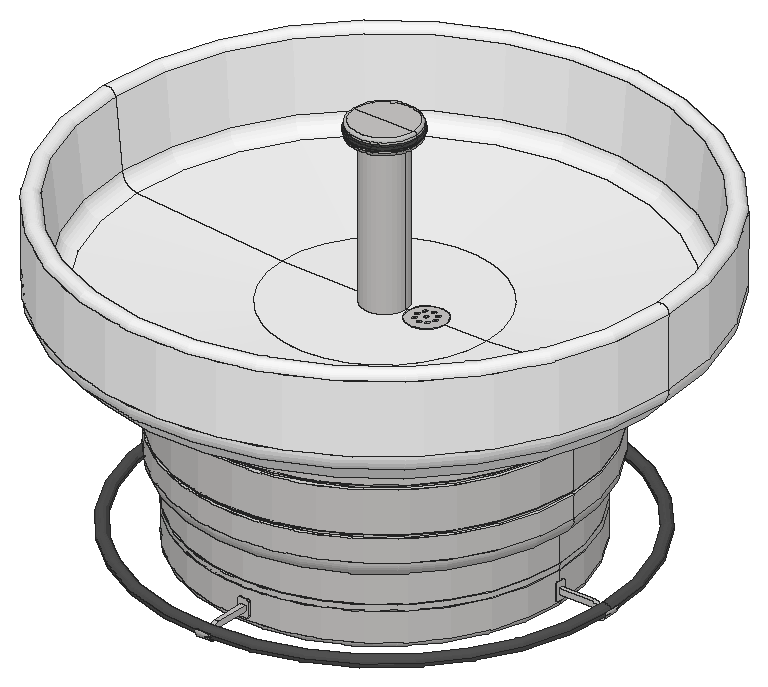
Revit family "Washfountain_Lavatory-Bradley_Corp-WF2608-Type_A_Drain", category Plumbing Fixtures, Revit 2012
Parameters (values of type "Standard")
  Width = 54.000"
  Warranty Information = ""
  WFU = 0
  Voltage = 110 V
  Version = "2.0"
  URL = "http://www.bradleycorp.com/"
  Towel Dispenser Holder [instance] = if((Soap Dispenser), 8.375", 16.875")  # 16.875"
  Towel Dispenser Height [instance] = if(and(Soap Dispenser, Sensor Module, Model ID = 2), 56.000", if(and(No Soap Dispenser, Sensor Module, Model ID = 2), 56.000", if(and(Soap Dispenser, No Sensor Module, Model ID = 2), 52.500", if(and(No Soap Dispenser, No Sensor Module, Model ID = 2), 52.500", if(and(Soap Dispenser, Sensor Module, Model ID = 1), 52.000", if(and(No Soap Dispenser, Sensor Module, Model ID = 1), 52.000", if(and(Soap Dispenser, No Sensor Module, Model ID = 1), 48.500", 48.500")))))))  # 52.500"
  TouchTime® Control [instance] = no
  Technical Data = ""
  Standard Height = Model ID = 2  # yes
  Spray Head Height = 35.625"
  Specifications URL = "http://www.bradleycorp.com/3partspec"
  Soap Dispenser Holder [instance] = 2.500"  # constant formula
  Soap Dispenser Height [instance] = if(and(No Sensor Module, Model ID = 2), 44.125", if(and(Sensor Module, Model ID = 2), 47.625", if(and(No Sensor Module, Model ID = 1), 40.125", 43.625")))  # 44.125"
  Sensor Module Height = 39.125"
  Sensor Module [instance] = or(not(Foot Control Valve), TouchTime® Control, Air Valve Hand Control, Adaptive Infrared Activation Control)  # no
  Rim Height = 29.250"
  Product Tech Data URL - Spanish = ""
  Product Tech Data URL - French = ""
  Product Tech Data URL - English = "http://bradleycorp.com/download/1843/2019.pdf"
  Pedestal Material = Metal - Bradley Corp - Stainless Steel - Satin
  Pedestal Height = 19.000"
  Operating Water Pressure Range = "20 - 80 PSI"
  OmniClass Table 23 Title = "Sinks/Lavatories"
  OmniClass Table 23 Number = "23-31 13 00"
  OmniClass Table 21 Title = "Plumbing Fixtures"
  OmniClass Table 21 Number = "21-04 20 10 60"
  No Towel Dispenser [instance] = not(Towel Dispenser)  # yes
  No Soap Dispenser [instance] = not(Soap Dispenser)  # yes
  No Sensor Module [instance] = not(Sensor Module)  # yes
  Modeling Code = ""
  Model ID = 2
  Model = "WF2608"
  Material Note = "Other Terrazzo colors available - See www.bradleycorp.com "
  MasterFormat Title = "Commercial Lavatories and Sinks"
  MasterFormat Number = "22 42 16"
  Manufacturer = "Bradley Corp"
  Juvenile Height = Model ID = 1  # no
  Industry Standards = "ANSI Z124.3, Z124.6 and ANSI/ICPA SS-1-2001"
  Hot Lavatory Inlet Radius = Hot Lavatory Inlet / 2  # 1/2"
  Hot Lavatory Inlet = 1"
  HWFU = 0
  Frequency = 50 Hz
  Foot Control Valve [instance] = not(or(TouchTime® Control, Air Valve Hand Control, Adaptive Infrared Activation Control))  # yes
  Flow Rate = 5.0 GPM
  Fire Rating = "n/a"
  Drain Radius = Drain / 2  # 1"
  Drain = 2"
  Description = "Washfountain, 54\" Circular with 9\" Deep Bowl"
  Copyright = "This Model Data is Property of Bradley Corporation"
  Cold Lavatory Inlet Radius = Cold Lavatory Inlet / 2  # 1/2"
  Cold Lavatory Inlet = 1"
  CWFU = 0
  Buy American Act = "No"
  Button Visibility [instance] = or(TouchTime® Control, Air Valve Hand Control)  # no
  Bowl Material [instance] = Stone - Bradley Corp - White Marmorite
  Assembly Code = "D2010300"
  Air Valve Hand Control [instance] = no
  Adaptive Infrared Activation Control [instance] = no
  ADA Compliant = "Yes"
  Soap Dispenser [instance] = no
  Towel Dispenser [instance] = no
Reference planes (in)
  plane 1 "Center (Front/Back)": y = 0
  plane 2: z = 0
  plane 3 "Center (Left/Right)": x = 0
  plane 4 "Left": x = -27
  plane 5 "Right": x = 27
  plane 6 "Front": y = -27
  plane 7 "Back": y = 27
  plane 8 "Towel Dispenser": z = 52.5
  plane 9 "Soap Dispenser": z = 44.125
  plane 10 "Sensor Module": z = 39.125
  plane 11 "Spray Head": z = 35.625
  plane 12 "Rim Height": z = 29.25
  plane 13 "Pedestal Height": z = 19
  plane 14: z = 38.125
Forms (in)
  Revolve 1, solid, material "Stone - Bradley Corp - White Marmorite" <- "Bowl Material", detail levels medium+fine
    sketch origin (-3, 0, 29.25) x (1, 0, 0) y (0, 0, 1)
      loop
        line (-24, -0.75) -> (-24, -7.10922)
        arc (-24, -7.10922) -> (-23.84776, -7.87459) -> (-23.41421, -8.52343) r 2
        line (-23.41421, -8.52343) -> (-21.68765, -10.25) -> (1, -10.25) -> (1, -9) -> (-6.75, -9)
        arc (-6.75, -9) -> (-13.62836, -8.77247) -> (-20.47664, -8.09088) r 104.08291
        arc (-20.47664, -8.09088) -> (-21.43666, -7.65917) -> (-21.89048, -6.70941) r 1.52978
        line (-21.89048, -6.70941) -> (-22.51639, -0.59407)
        arc (-22.51639, -0.59407) -> (-23.32839, -0.00411) -> (-24, -0.75) r 0.75
      axis (3, -0.59407) -> (3, -10.25)
    angle from 0 to 360
  Revolve 2, solid, material "Stone - Bradley Corp - White Marmorite" <- "Bowl Material", detail levels coarse
    sketch origin (-3, 0, 29.25) x (1, 0, 0) y (0, 0, 1)
      loop
        line (-24, 0) -> (-24, -10.25) -> (3, -10.25) -> (3, -9) -> (-4.5, -9) -> (-21.74309, -7.95152) -> (-22.57883, 0) -> (-24, 0)
      axis (3, 0) -> (3, -10.25)
    angle from 0 to 360
  Revolve 3, solid, material "Metal - Bradley Corp - Stainless Steel - Satin" <- "Pedestal Material", visible <- "Standard Height", detail levels medium+fine
    sketch origin (-3, 0, 19) x (1, 0, 0) y (0, 0, 1)
      loop
        line (-14.96214, 0.00002) -> (-14.96214, -4.37498) -> (-14.83714, -4.49998) -> (-14.83714, -4.62498) -> (-14.96214, -4.74998) -> (-14.96214, -8.56248) -> (-14.83714, -8.68748) -> (-14.83714, -8.81248) -> (-14.96214, -8.93748) -> (-14.96214, -10.99998)
        arc (-14.96214, -10.99998) -> (-14.57597, -12.00466) -> (-13.6163, -12.49204) r 1.5
        line (-13.6163, -12.49204) -> (-13.6163, -15.1945) -> (-13.6643, -15.25815) -> (-13.6643, -15.75585) -> (-13.6163, -15.8195) -> (-13.6163, -18.5)
        arc (-13.6163, -18.5) -> (-13.46985, -18.85355) -> (-13.1163, -19) r 0.5
        line (-13.1163, -19) -> (3, -19) -> (3, 0.00002) -> (-14.96214, 0.00002)
      axis (3, 0.00002) -> (3, -19)
    angle from 0 to 360
  Revolve 4, solid, material "Metal - Bradley Corp - Stainless Steel - Satin" <- "Pedestal Material", visible <- "Standard Height", detail levels coarse
    sketch origin (-3, 0, 19) x (1, 0, 0) y (0, 0, 1)
      loop
        line (-14.96214, 0) -> (-14.96214, -12.49204) -> (-13.6163, -12.49204) -> (-13.6163, -19) -> (3, -19) -> (3, 0) -> (-14.96214, 0)
      axis (3, 0) -> (3, -19)
    angle from 0 to 360
  Revolve 5, solid, material "Metal - Bradley Corp - Stainless Steel - Satin" <- "Pedestal Material", visible <- "Juvenile Height", detail levels medium+fine
    sketch origin (-3, 0, 19) x (1, 0, 0) y (0, 0, 1)
      loop
        line (-14.96214, 0) -> (-14.96214, -3.42941) -> (-14.86416, -3.52739) -> (-14.86416, -3.62537) -> (-14.96214, -3.72336) -> (-14.96214, -6.71184) -> (-14.86416, -6.80982) -> (-14.86416, -6.90781) -> (-14.96214, -7.00579) -> (-14.96214, -8.44011)
        arc (-14.96214, -8.44011) -> (-14.56796, -9.39176) -> (-13.6163, -9.78595) r 1.34584
        line (-13.6163, -9.78595) -> (-13.6163, -11.1945) -> (-13.6643, -11.25815) -> (-13.6643, -11.75585) -> (-13.6163, -11.8195) -> (-13.6163, -14.60807)
        arc (-13.6163, -14.60807) -> (-13.50151, -14.88521) -> (-13.22437, -15) r 0.39193
        line (-13.22437, -15) -> (3, -15) -> (3, 0) -> (-14.96214, 0)
      axis (3, 0) -> (3, -15)
    angle from 0 to 360
  Revolve 6, solid, material "Metal - Bradley Corp - Stainless Steel - Satin" <- "Pedestal Material", visible <- "Juvenile Height", detail levels coarse
    sketch origin (-3, 0, 19) x (1, 0, 0) y (0, 0, 1)
      loop
        line (-14.96214, 0.00002) -> (-14.96214, -9.78595) -> (-13.6163, -9.78595) -> (-13.6163, -15) -> (3, -15) -> (3, 0.00002) -> (-14.96214, 0.00002)
      axis (3, 0.00002) -> (3, -15)
    angle from 0 to 360
  Revolve 7, solid, material "Metal - Bradley Corp - Stainless Steel - Polished", detail levels fine
    sketch origin (-3, 0, 35.625) x (1, 0, 0) y (0, 0, 1)
      loop
        arc (0.215, 0.00002) -> (0.03822, -0.0732) -> (-0.035, -0.24998) r 0.25
        line (-0.035, -0.24998) -> (-0.035, -0.44498)
        arc (-0.035, -0.44498) -> (-0.10129, -0.47244) -> (-0.12875, -0.53873) r 0.09375
        line (-0.12875, -0.53873) -> (-0.12875, -0.85123)
        arc (-0.12875, -0.85123) -> (-0.10129, -0.91752) -> (-0.035, -0.94498) r 0.09375
        line (-0.035, -0.94498) -> (-0.035, -1.13998)
        arc (-0.035, -1.13998) -> (0.03822, -1.31676) -> (0.215, -1.38998) r 0.25
        line (0.215, -1.38998) -> (1, -1.38998) -> (1, -16.625) -> (3, -16.625) -> (3, 0.00002) -> (0.215, 0.00002)
      axis (3, 0.00002) -> (3, -16.625)
    angle from 0 to 360
  Revolve 8, solid, material "Metal - Bradley Corp - Stainless Steel - Polished", detail levels coarse+medium
    sketch origin (-3, 0, 35.625) x (1, 0, 0) y (0, 0, 1)
      loop
        line (3, 0) -> (0.21498, 0) -> (-0.12875, -0.44498) -> (-0.12875, -0.94498) -> (0.215, -1.38998) -> (1, -1.38998) -> (1, -16.625) -> (3, -16.625) -> (3, 0)
      axis (3, 0) -> (3, -16.625)
    angle from 0 to 360
  Revolve 9, solid, material "Metal - Bradley Corp - Stainless Steel - Polished", visible <- "Soap Dispenser", detail levels fine
    sketch origin (-3, 0, 44.125) x (1, 0, 0) y (0, 0, 1)
      loop
        arc (-1.17907, 0) -> (-2.18101, -0.11803) -> (-3.1566, -0.375) r 7.19764
        line (-3.1566, -0.375) -> (-3.1566, -1) -> (-3.01376, -1) -> (-3.01376, -1.64327) -> (-2.98301, -1.64327) -> (-2.98301, -2.89327) -> (-2.93039, -2.89327) -> (-2.93039, -4.14327) -> (-2.87777, -4.14327) -> (-2.87777, -5.39327) -> (-2.81, -5.39327) -> (-2.81, -6) -> (3, -6) -> (3, 0) -> (-1.17907, 0)
      axis (3, 0) -> (3, -6)
    angle from 0 to 360
  Revolve 10, solid, material "Metal - Bradley Corp - Stainless Steel - Polished", visible <- "Soap Dispenser", detail levels coarse+medium
    sketch origin (-3, 0, 44.125) x (1, 0, 0) y (0, 0, 1)
      loop
        line (3, -1) -> (-3.1566, -1) -> (-2.81, -6) -> (3, -6) -> (3, -1)
      axis (3, -1) -> (3, -6)
    angle from 0 to 360
  Revolve 11, solid, material "Metal - Bradley Corp - Stainless Steel - Polished", visible <- "Sensor Module", detail levels fine
    sketch origin (-3, 0, 39.125) x (1, 0, 0) y (0, 0, 1)
      loop
        line (-1.49987, -0.56541) -> (-1.49987, -1.98683)
        arc (-1.49987, -1.98683) -> (-1.48063, -2.08301) -> (-1.42587, -2.16439) r 0.25
        line (-1.42587, -2.16439) -> (-0.82309, -2.76716)
        arc (-0.82309, -2.76716) -> (-0.74199, -2.82135) -> (-0.64632, -2.84038) r 0.25
        line (-0.64632, -2.84038) -> (1, -2.84038) -> (1, -3.5) -> (3, -3.5) -> (3, 0) -> (0.89718, 0)
        arc (0.89718, 0) -> (-0.28099, -0.0858) -> (-1.45612, -0.2063) r 40.06
        arc (-1.45612, -0.2063) -> (-1.54124, -0.251) -> (-1.57537, -0.34072) r 0.135
        line (-1.57537, -0.34072) -> (-1.57537, -0.56541) -> (-1.49987, -0.56541)
      axis (3, 0) -> (3, -3.5)
    angle from 0 to 360
  Revolve 12, solid, material "Metal - Bradley Corp - Stainless Steel - Polished", visible <- "Sensor Module", detail levels coarse+medium
    sketch origin (-3, 0, 39.125) x (1, 0, 0) y (0, 0, 1)
      loop
        line (-1.57537, -2.01488) -> (-0.75025, -2.84) -> (1, -2.84) -> (1, -3.5) -> (3, -3.5) -> (3, 0) -> (-1.57537, 0) -> (-1.57537, -2.01488)
      axis (3, 0) -> (3, -3.5)
    angle from 0 to 360
  Extrusion 13, solid, material "Metal - Bradley Corp - Stainless Steel - Polished", visible <- "Towel Dispenser"
    sketch origin (-5.60167, 3.20696, 52.5) x (0, 0, 1) y (0, 1, 0)
      loop
        line (0, 0) -> (15.313, 0) -> (14.62567, 4) -> (1.37502, 4) -> (0, 1.75) -> (0, 0)
    from -0.10167 to -11.10192
  Extrusion 14, solid, material "Metal - Bradley Corp - Stainless Steel - Polished", visible <- "Towel Dispenser"
    sketch origin (-0.0117, -6.47515, 55.75) x (0, 0, 1) y (-0.866025, -0.5, 0)
      loop
        line (-3.25, 0) -> (12.063, 0) -> (11.37567, 4) -> (-1.87498, 4) -> (-3.25, 1.75) -> (-3.25, 0)
    from -0.10167 to -11.10192
  Extrusion 15, solid, material "Metal - Bradley Corp - Stainless Steel - Polished", visible <- "Towel Dispenser"
    sketch origin (5.61356, 3.22741, 55.75) x (0, 0, 1) y (0.866038, -0.499977, 0)
      loop
        line (-3.25, 0) -> (12.063, 0) -> (11.37567, 4) -> (-1.87498, 4) -> (-3.25, 1.75) -> (-3.25, 0)
    from -0.10167 to -11.10192
  Extrusion 16, solid, material "Metal - Bradley Corp - Stainless Steel - Polished", visible <- "Towel Dispenser"
    sketch origin (0, 0, 52.5) x (-1, 0, 0) y (0, -1, 0)
      loop
        circle (0, 0) r 2
    from -16.875 to 16.313
  Extrusion 17, solid, material "Metal - Bradley Corp - Stainless Steel - Polished", visible <- "Soap Dispenser"
    sketch origin (0, 0, 44.125) x (-1, 0, 0) y (0, -1, 0)
      loop
        circle (0, 0) r 2
    from -6 to -8.5
  Extrusion 18, solid, material "Metal - Bradley Corp - Stainless Steel - Polished", visible <- "Towel Dispenser"
    sketch origin (0, 0, 52.5) x (-1, 0, 0) y (0, -1, 0)
      loop
        line (5.5, -3.20696) -> (5.56259, -3.13929) -> (0.06259, 6.38699) -> (-0.06295, 6.38699) -> (-5.56269, -3.13929) -> (-5.50026, -3.20696) -> (5.5, -3.20696)
      loop
        circle (0, 0) r 2
    from 14.62567 to 14.12567
  Extrusion 19, solid, material "Metal - Bradley Corp - Stainless Steel - Polished", visible <- "Towel Dispenser"
    sketch origin (0, 0, 52.5) x (-1, 0, 0) y (0, -1, 0)
      loop
        line (5.56259, -3.13929) -> (0.06259, 6.38699) -> (-0.06295, 6.38699) -> (-5.56269, -3.13929) -> (-5.50026, -3.20696) -> (5.5, -3.20696) -> (5.56259, -3.13929)
      loop
        circle (0, 0) r 2
    from 1.0786 to 1.5786
  Sweep 20, solid, material "Plastic - Bradley Corp - Black", visible <- "Foot Control Valve"
    path in 3D
      loop
        arc (-21, 0, 0) -> (0, -21, 0) -> (21, 0, 0) r 21
        arc (21, 0, 0) -> (0, 21, 0) -> (-21, 0, 0) r 21
    profile origin (0, 21, 0) x (0, -1, 0) y (0, 0, 1)
      loop
        circle (0, 1.425) r 0.5
  Extrusion 21, solid, material "Metal - Bradley Corp - Stainless Steel - Satin", visible <- "Foot Control Valve"
    sketch origin (0, 0, 0) x (1, 0, 0) y (0, 0, 1)
      loop
        arc (-21.48307, 1.55388) -> (-21.51847, 1.61509) -> (-21.57968, 1.57969) r 0.05
        arc (-21.57968, 1.57969) -> (-21.01372, 0.82503) -> (-20.41385, 1.55302) r 0.6
        arc (-20.41385, 1.55302) -> (-20.47337, 1.59119) -> (-20.51154, 1.53166) r 0.05
        arc (-20.51154, 1.53166) -> (-21.01143, 0.925) -> (-21.48307, 1.55388) r 0.5
      loop
        arc (21.48307, 1.55388) -> (21.01143, 0.925) -> (20.51154, 1.53166) r 0.5
        arc (20.51154, 1.53166) -> (20.47337, 1.59119) -> (20.41385, 1.55302) r 0.05
        arc (20.41385, 1.55302) -> (21.01372, 0.82503) -> (21.57968, 1.57969) r 0.6
        arc (21.57968, 1.57969) -> (21.51847, 1.61509) -> (21.48307, 1.55388) r 0.05
    from -0.67 to 0.67
  Extrusion 22, solid, material "Metal - Bradley Corp - Stainless Steel - Satin", visible <- "Foot Control Valve"
    sketch origin (0, 0, 0) x (0, 1, 0) y (0, 0, 1)
      loop
        arc (21.48307, 1.55401) -> (21.01143, 0.92513) -> (20.51154, 1.53179) r 0.5
        arc (20.51154, 1.53179) -> (20.47337, 1.59132) -> (20.41385, 1.55315) r 0.05
        arc (20.41385, 1.55315) -> (21.01372, 0.82516) -> (21.57968, 1.57982) r 0.6
        arc (21.57968, 1.57982) -> (21.51847, 1.61522) -> (21.48307, 1.55401) r 0.05
      loop
        arc (-21.48307, 1.55401) -> (-21.51847, 1.61522) -> (-21.57968, 1.57982) r 0.05
        arc (-21.57968, 1.57982) -> (-21.01372, 0.82516) -> (-20.41385, 1.55315) r 0.6
        arc (-20.41385, 1.55315) -> (-20.47337, 1.59132) -> (-20.51154, 1.53179) r 0.05
        arc (-20.51154, 1.53179) -> (-21.01143, 0.92513) -> (-21.48307, 1.55401) r 0.5
    from -0.67 to 0.67
  Extrusion 23, solid, material "Metal - Bradley Corp - Stainless Steel - Satin", visible <- "Foot Control Valve"
    sketch origin (0, 0, 0) x (1, 0, 0) y (0, 0, 1)
      loop
        line (-16.6163, 1.26725) -> (-16.6163, 1.76725) -> (-19.80661, 1.76725)
        arc (-19.80661, 1.76725) -> (-20.14911, 1.67556) -> (-20.4, 1.42503) r 0.68556
        arc (-20.4, 1.42503) -> (-20.57574, 1.00076) -> (-21, 0.82503) r 0.6
        arc (-21, 0.82503) -> (-20.42367, 0.87326) -> (-19.94786, 1.20202) r 1.12245
        arc (-19.94786, 1.20202) -> (-19.8844, 1.25015) -> (-19.80661, 1.26725) r 0.18556
        line (-19.80661, 1.26725) -> (-16.6163, 1.26725)
      loop
        line (16.6163, 1.26725) -> (19.80661, 1.26725)
        arc (19.80661, 1.26725) -> (19.8844, 1.25015) -> (19.94786, 1.20202) r 0.18556
        arc (19.94786, 1.20202) -> (20.42367, 0.87326) -> (21, 0.82503) r 1.12245
        arc (21, 0.82503) -> (20.57574, 1.00076) -> (20.4, 1.42503) r 0.6
        arc (20.4, 1.42503) -> (20.14911, 1.67556) -> (19.80661, 1.76725) r 0.68556
        line (19.80661, 1.76725) -> (16.6163, 1.76725) -> (16.6163, 1.26725)
    from -0.2 to 0.2
  Extrusion 24, solid, material "Metal - Bradley Corp - Stainless Steel - Satin", visible <- "Foot Control Valve"
    sketch origin (0, 0, 0) x (0, 1, 0) y (0, 0, 1)
      loop
        line (16.61723, 1.27219) -> (19.80754, 1.27219)
        arc (19.80754, 1.27219) -> (19.88533, 1.25509) -> (19.94879, 1.20696) r 0.18556
        arc (19.94879, 1.20696) -> (20.4246, 0.8782) -> (21.00093, 0.82997) r 1.12245
        arc (21.00093, 0.82997) -> (20.57666, 1.0057) -> (20.40093, 1.42997) r 0.6
        arc (20.40093, 1.42997) -> (20.15004, 1.6805) -> (19.80754, 1.77219) r 0.68556
        line (19.80754, 1.77219) -> (16.61723, 1.77219) -> (16.61723, 1.27219)
      loop
        line (-16.61723, 1.27219) -> (-16.61723, 1.77219) -> (-19.80754, 1.77219)
        arc (-19.80754, 1.77219) -> (-20.15004, 1.6805) -> (-20.40093, 1.42997) r 0.68556
        arc (-20.40093, 1.42997) -> (-20.57666, 1.0057) -> (-21.00093, 0.82997) r 0.6
        arc (-21.00093, 0.82997) -> (-20.4246, 0.8782) -> (-19.94879, 1.20696) r 1.12245
        arc (-19.94879, 1.20696) -> (-19.88533, 1.25509) -> (-19.80754, 1.27219) r 0.18556
        line (-19.80754, 1.27219) -> (-16.61723, 1.27219)
    from -0.19588 to 0.2
  Extrusion 25, solid, material "Metal - Bradley Corp - Stainless Steel - Satin", visible <- "Foot Control Valve"
    sketch origin (0, 0, 0) x (0, 1, 0) y (0, 0, 1)
      loop
        line (0.25501, 2.33461) -> (-0.24499, 2.33461)
        arc (-0.24499, 2.33461) -> (-0.42177, 2.26139) -> (-0.49499, 2.08461) r 0.25
        line (-0.49499, 2.08461) -> (-0.49499, 0.95961)
        arc (-0.49499, 0.95961) -> (-0.42177, 0.78284) -> (-0.24499, 0.70961) r 0.25
        line (-0.24499, 0.70961) -> (0.25501, 0.70961)
        arc (0.25501, 0.70961) -> (0.43178, 0.78284) -> (0.50501, 0.95961) r 0.25
        line (0.50501, 0.95961) -> (0.50501, 2.08461)
        arc (0.50501, 2.08461) -> (0.43178, 2.26139) -> (0.25501, 2.33461) r 0.25
      loop
        line (0.24214, 1.22802) -> (0.24214, 1.81621) -> (-0.23845, 1.81621) -> (-0.23845, 1.22802) -> (0.24214, 1.22802)
    from -16.72356 to -16.6163
  Extrusion 26, solid, material "Metal - Bradley Corp - Stainless Steel - Satin", visible <- "Foot Control Valve"
    sketch origin (0, 0, 0) x (0, 1, 0) y (0, 0, 1)
      loop
        arc (-0.25501, 2.33461) -> (-0.43178, 2.26139) -> (-0.50501, 2.08461) r 0.25
        line (-0.50501, 2.08461) -> (-0.50501, 0.95961)
        arc (-0.50501, 0.95961) -> (-0.43178, 0.78284) -> (-0.25501, 0.70961) r 0.25
        line (-0.25501, 0.70961) -> (0.24499, 0.70961)
        arc (0.24499, 0.70961) -> (0.42177, 0.78284) -> (0.49499, 0.95961) r 0.25
        line (0.49499, 0.95961) -> (0.49499, 2.08461)
        arc (0.49499, 2.08461) -> (0.42177, 2.26139) -> (0.24499, 2.33461) r 0.25
        line (0.24499, 2.33461) -> (-0.25501, 2.33461)
      loop
        line (-0.24214, 1.22802) -> (0.23845, 1.22802) -> (0.23845, 1.81621) -> (-0.24214, 1.81621) -> (-0.24214, 1.22802)
    from 16.6163 to 16.73125
  Extrusion 27, solid, material "Metal - Bradley Corp - Stainless Steel - Satin", visible <- "Foot Control Valve"
    sketch origin (0, 0, 0) x (1, 0, 0) y (0, 0, 1)
      loop
        arc (-0.25501, 2.33461) -> (-0.43178, 2.26139) -> (-0.50501, 2.08461) r 0.25
        line (-0.50501, 2.08461) -> (-0.50501, 0.95961)
        arc (-0.50501, 0.95961) -> (-0.43178, 0.78284) -> (-0.25501, 0.70961) r 0.25
        line (-0.25501, 0.70961) -> (0.24499, 0.70961)
        arc (0.24499, 0.70961) -> (0.42177, 0.78284) -> (0.49499, 0.95961) r 0.25
        line (0.49499, 0.95961) -> (0.49499, 2.08461)
        arc (0.49499, 2.08461) -> (0.42177, 2.26139) -> (0.24499, 2.33461) r 0.25
        line (0.24499, 2.33461) -> (-0.25501, 2.33461)
      loop
        line (-0.24214, 1.22802) -> (0.23845, 1.22802) -> (0.23845, 1.81621) -> (-0.24214, 1.81621) -> (-0.24214, 1.22802)
    from -16.72356 to -16.6163
  Extrusion 28, solid, material "Metal - Bradley Corp - Stainless Steel - Satin", visible <- "Foot Control Valve"
    sketch origin (0, 0, 0) x (1, 0, 0) y (0, 0, 1)
      loop
        line (0.25501, 2.33461) -> (-0.24499, 2.33461)
        arc (-0.24499, 2.33461) -> (-0.42177, 2.26139) -> (-0.49499, 2.08461) r 0.25
        line (-0.49499, 2.08461) -> (-0.49499, 0.95961)
        arc (-0.49499, 0.95961) -> (-0.42177, 0.78284) -> (-0.24499, 0.70961) r 0.25
        line (-0.24499, 0.70961) -> (0.25501, 0.70961)
        arc (0.25501, 0.70961) -> (0.43178, 0.78284) -> (0.50501, 0.95961) r 0.25
        line (0.50501, 0.95961) -> (0.50501, 2.08461)
        arc (0.50501, 2.08461) -> (0.43178, 2.26139) -> (0.25501, 2.33461) r 0.25
      loop
        line (0.24214, 1.22802) -> (0.24214, 1.81621) -> (-0.23845, 1.81621) -> (-0.23845, 1.22802) -> (0.24214, 1.22802)
    from 16.61723 to 16.73515
  Extrusion 29, void
    sketch origin (0, 0, 19) x (-1, 0, 0) y (0, -1, 0)
      loop
        circle (-4, 0) r 1.75
    from 0 to 10.25
  Extrusion 30, solid, material "Metal - Bradley Corp - Stainless Steel - Polished", detail levels medium+fine
    sketch origin (0, 0, 19) x (-1, 0, 0) y (0, -1, 0)
      loop
        circle (-4, 0) r 1.75
      loop
        circle (-4, 0) r 0.1842
      loop
        circle (-4, -0.87771) r 0.1842
      loop
        circle (-3.12229, 0) r 0.1842
      loop
        circle (-4, 0.87771) r 0.1842
      loop
        circle (-4.87771, 0) r 0.1842
      loop
        circle (-4.62063, -0.62063) r 0.1842
      loop
        circle (-3.37937, -0.62063) r 0.1842
      loop
        circle (-3.37937, 0.62063) r 0.1842
      loop
        circle (-4.62063, 0.62063) r 0.1842
    from 1.25 to 1.20024
  Extrusion 31, solid, material "Default", not visible, detail levels medium+fine
    sketch origin (0, 0, 0) x (1, 0, 0) y (0, 1, 0)
      loop
        circle (4, 0) r 1
      loop
        line (1, 5.5) -> (-1, 5.5) -> (-1, 4.5) -> (1, 4.5) -> (1, 5.5)
    from 0 to 3
  Extrusion 32, solid, material "Default", not visible, detail levels medium+fine
    sketch origin (0, 0, 0) x (1, 0, 0) y (0, 1, 0)
      loop
        circle (-7.625, 2.5) r 0.5
      loop
        circle (7.625, 2.5) r 0.5
    from 0 to 2.5
  Revolve 33, solid, material "Plastic - Bradley Corp - Black", visible <- "Soap Dispenser", detail levels coarse+medium
    sketch origin (-3, 0, 44.125) x (1, 0, 0) y (0, 0, 1)
      loop
        line (-3.1566, -1) -> (3, -1) -> (3, 0) -> (-3.22592, 0) -> (-3.1566, -1)
      axis (3, 0) -> (3, -1)
    angle from 0 to 360
  Extrusion 34, solid, material "Metal - Bradley Corp - Stainless Steel - Polished", visible <- "Button Visibility"
    sketch origin (-3, 0, 39.125) x (1, 0, 0) y (0, 0, 1)
      loop
        circle (3, -1.3649) r 0.5
    from 4.57537 to 4.97537
  Extrusion 35, solid, material "Metal - Bradley Corp - Stainless Steel - Polished", visible <- "Button Visibility"
    sketch origin (-3, 0, 39.125) x (1, 0, 0) y (0, 0, 1)
      loop
        circle (3, -1.3649) r 0.5
    from -4.57537 to -4.97537
  Extrusion 36, solid, material "Metal - Bradley Corp - Stainless Steel - Polished", visible <- "Button Visibility", detail levels fine
    sketch origin (-3, 0, 39.125) x (1, 0, 0) y (0, 0, 1)
      loop
        circle (3, -1.3649) r 0.25
    from 4.49987 to 4.57537
  Extrusion 37, solid, material "Metal - Bradley Corp - Stainless Steel - Polished", visible <- "Button Visibility", detail levels fine
    sketch origin (-3, 0, 39.125) x (1, 0, 0) y (0, 0, 1)
      loop
        circle (3, -1.3649) r 0.25
    from -4.57537 to -4.49987
Cuts and joins
  Extrusion 29 cuts Revolve 2
  Extrusion 29 cuts Revolve 1
Lines and regions (in)
  Masking region 1, detail levels coarse
    outline origin (-3, 0, 29.25) x (1, 0, 0) y (0, 0, 1)
      loop
        line (-24, 0) -> (-24, -10.25) -> (30, -10.25) -> (30, 0) -> (-24, 0)
  Masking region 2, detail levels medium+fine
    outline origin (-3, 0, 29.25) x (1, 0, 0) y (0, 0, 1)
      loop
        arc (-23.25, 0) -> (-23.78033, -0.21967) -> (-24, -0.75) r 0.75
        line (-24, -0.75) -> (-24, -7.10922)
        arc (-24, -7.10922) -> (-23.84776, -7.87459) -> (-23.41421, -8.52343) r 2
        line (-23.41421, -8.52343) -> (-21.68765, -10.25) -> (27.68765, -10.25) -> (29.41421, -8.52343)
        arc (29.41421, -8.52343) -> (29.84776, -7.87459) -> (30, -7.10922) r 2
        line (30, -7.10922) -> (30, -0.75)
        arc (30, -0.75) -> (29.78033, -0.21967) -> (29.25, 0) r 0.75
        line (29.25, 0) -> (-23.25, 0)
  Masking region 3, visible <- "Standard Height", detail levels coarse
    outline origin (-3, 0, 19) x (1, 0, 0) y (0, 0, 1)
      loop
        line (-14.96214, 0) -> (-14.96214, -12.49204) -> (-13.6163, -12.49204) -> (-13.6163, -19) -> (19.6163, -19) -> (19.6163, -12.49204) -> (20.96214, -12.49204) -> (20.96214, 0) -> (-14.96214, 0)
  Masking region 4, visible <- "Standard Height", detail levels medium+fine
    outline origin (-3, 0, 19) x (1, 0, 0) y (0, 0, 1)
      loop
        line (-14.96214, 0.00002) -> (-14.96214, -4.37498) -> (-14.83714, -4.49998) -> (-14.83714, -4.62498) -> (-14.96214, -4.74998) -> (-14.96214, -8.56248) -> (-14.83714, -8.68748) -> (-14.83714, -8.81248) -> (-14.96214, -8.93748) -> (-14.96214, -10.99998)
        arc (-14.96214, -10.99998) -> (-14.57597, -12.00466) -> (-13.6163, -12.49204) r 1.5
        line (-13.6163, -12.49204) -> (-13.6163, -15.1945) -> (-13.6643, -15.25815) -> (-13.6643, -15.75585) -> (-13.6163, -15.8195) -> (-13.6163, -18.5)
        arc (-13.6163, -18.5) -> (-13.46985, -18.85355) -> (-13.1163, -19) r 0.5
        line (-13.1163, -19) -> (19.1163, -19)
        arc (19.1163, -19) -> (19.46985, -18.85355) -> (19.6163, -18.5) r 0.5
        line (19.6163, -18.5) -> (19.6163, -15.8195) -> (19.6643, -15.75585) -> (19.6643, -15.25815) -> (19.6163, -15.1945) -> (19.6163, -12.49204)
        arc (19.6163, -12.49204) -> (20.57597, -12.00466) -> (20.96214, -10.99998) r 1.5
        line (20.96214, -10.99998) -> (20.96214, -8.93748) -> (20.83714, -8.81248) -> (20.83714, -8.68748) -> (20.96214, -8.56248) -> (20.96214, -4.74998) -> (20.83714, -4.62498) -> (20.83714, -4.49998) -> (20.96214, -4.37498) -> (20.96214, 0.00002) -> (-14.96214, 0.00002)
  Masking region 5, visible <- "Juvenile Height", detail levels coarse
    outline origin (-3, 0, 19) x (1, 0, 0) y (0, 0, 1)
      loop
        line (-14.96214, 0) -> (-14.96214, -9.78595) -> (-13.6163, -9.78595) -> (-13.6163, -15) -> (19.6163, -15) -> (19.6163, -9.78595) -> (20.96214, -9.78595) -> (20.96214, 0) -> (-14.96214, 0)
  Masking region 6, visible <- "Juvenile Height", detail levels medium+fine
    outline origin (-3, 0, 19) x (1, 0, 0) y (0, 0, 1)
      loop
        line (-14.96214, 0) -> (-14.96214, -3.42941) -> (-14.86416, -3.52739) -> (-14.86416, -3.62537) -> (-14.96214, -3.72336) -> (-14.96214, -6.71184) -> (-14.86416, -6.80982) -> (-14.86416, -6.90781) -> (-14.96214, -7.00579) -> (-14.96214, -8.44011)
        arc (-14.96214, -8.44011) -> (-14.56796, -9.39176) -> (-13.6163, -9.78595) r 1.34584
        line (-13.6163, -9.78595) -> (-13.6163, -11.1945) -> (-13.6643, -11.25815) -> (-13.6643, -11.75585) -> (-13.6163, -11.8195) -> (-13.6163, -14.60807)
        arc (-13.6163, -14.60807) -> (-13.50151, -14.88521) -> (-13.22437, -15) r 0.39193
        line (-13.22437, -15) -> (19.22437, -15)
        arc (19.22437, -15) -> (19.50151, -14.88521) -> (19.6163, -14.60807) r 0.39193
        line (19.6163, -14.60807) -> (19.6163, -11.8195) -> (19.6643, -11.75585) -> (19.6643, -11.25815) -> (19.6163, -11.1945) -> (19.6163, -9.78595)
        arc (19.6163, -9.78595) -> (20.56796, -9.39176) -> (20.96214, -8.44011) r 1.34584
        line (20.96214, -8.44011) -> (20.96214, -7.00579) -> (20.86416, -6.90781) -> (20.86416, -6.80982) -> (20.96214, -6.71184) -> (20.96214, -3.72336) -> (20.86416, -3.62537) -> (20.86416, -3.52739) -> (20.96214, -3.42941) -> (20.96214, 0) -> (-14.96214, 0)
  Masking region 7, detail levels coarse
    outline origin (0, 3, 29.25) x (0, -1, 0) y (0, 0, 1)
      loop
        line (-24, 0) -> (-24, -10.25) -> (30, -10.25) -> (30, 0) -> (-24, 0)
  Masking region 8, detail levels medium+fine
    outline origin (0, 3, 29.25) x (0, -1, 0) y (0, 0, 1)
      loop
        arc (-23.25, 0) -> (-23.78033, -0.21967) -> (-24, -0.75) r 0.75
        line (-24, -0.75) -> (-24, -7.10922)
        arc (-24, -7.10922) -> (-23.84776, -7.87459) -> (-23.41421, -8.52343) r 2
        line (-23.41421, -8.52343) -> (-21.68765, -10.25) -> (27.68765, -10.25) -> (29.41421, -8.52343)
        arc (29.41421, -8.52343) -> (29.84776, -7.87459) -> (30, -7.10922) r 2
        line (30, -7.10922) -> (30, -0.75)
        arc (30, -0.75) -> (29.78033, -0.21967) -> (29.25, 0) r 0.75
        line (29.25, 0) -> (-23.25, 0)
  Masking region 9, visible <- "Standard Height", detail levels coarse
    outline origin (0, 3, 19) x (0, -1, 0) y (0, 0, 1)
      loop
        line (-14.96229, 0) -> (-14.96229, -12.49204) -> (-13.61645, -12.49204) -> (-13.61645, -19) -> (19.61615, -19) -> (19.61615, -12.49204) -> (20.96199, -12.49204) -> (20.96199, 0) -> (-14.96229, 0)
  Masking region 10, visible <- "Standard Height", detail levels medium+fine
    outline origin (0, 3, 19) x (0, -1, 0) y (0, 0, 1)
      loop
        line (-14.96307, 0.00002) -> (-14.96307, -4.37498) -> (-14.83807, -4.49998) -> (-14.83807, -4.62498) -> (-14.96307, -4.74998) -> (-14.96307, -8.56248) -> (-14.83807, -8.68748) -> (-14.83807, -8.81248) -> (-14.96307, -8.93748) -> (-14.96307, -10.99998)
        arc (-14.96307, -10.99998) -> (-14.5769, -12.00466) -> (-13.61723, -12.49204) r 1.5
        line (-13.61723, -12.49204) -> (-13.61723, -15.1945) -> (-13.66523, -15.25815) -> (-13.66523, -15.75585) -> (-13.61723, -15.8195) -> (-13.61723, -18.5)
        arc (-13.61723, -18.5) -> (-13.47078, -18.85355) -> (-13.11723, -19) r 0.5
        line (-13.11723, -19) -> (19.11537, -19)
        arc (19.11537, -19) -> (19.46893, -18.85355) -> (19.61537, -18.5) r 0.5
        line (19.61537, -18.5) -> (19.61537, -15.8195) -> (19.66337, -15.75585) -> (19.66337, -15.25815) -> (19.61537, -15.1945) -> (19.61537, -12.49204)
        arc (19.61537, -12.49204) -> (20.57505, -12.00466) -> (20.96122, -10.99998) r 1.5
        line (20.96122, -10.99998) -> (20.96122, -8.93748) -> (20.83622, -8.81248) -> (20.83622, -8.68748) -> (20.96122, -8.56248) -> (20.96122, -4.74998) -> (20.83622, -4.62498) -> (20.83622, -4.49998) -> (20.96122, -4.37498) -> (20.96122, 0.00002) -> (-14.96307, 0.00002)
  Masking region 11, visible <- "Juvenile Height", detail levels coarse
    outline origin (0, 3, 19) x (0, -1, 0) y (0, 0, 1)
      loop
        line (-14.96093, 0) -> (-14.96093, -9.78595) -> (-13.61509, -9.78595) -> (-13.61509, -15) -> (19.61752, -15) -> (19.61752, -9.78595) -> (20.96336, -9.78595) -> (20.96336, 0) -> (-14.96093, 0)
  Masking region 12, visible <- "Juvenile Height", detail levels medium+fine
    outline origin (0, 3, 19) x (0, -1, 0) y (0, 0, 1)
      loop
        line (-14.96283, 0) -> (-14.96283, -3.42941) -> (-14.86485, -3.52739) -> (-14.86485, -3.62537) -> (-14.96283, -3.72336) -> (-14.96283, -6.71184) -> (-14.86485, -6.80982) -> (-14.86485, -6.90781) -> (-14.96283, -7.00579) -> (-14.96283, -8.44011)
        arc (-14.96283, -8.44011) -> (-14.56864, -9.39176) -> (-13.61699, -9.78595) r 1.34584
        line (-13.61699, -9.78595) -> (-13.61699, -11.1945) -> (-13.66523, -11.25847) -> (-13.66523, -11.75553) -> (-13.61699, -11.8195) -> (-13.61699, -14.60807)
        arc (-13.61699, -14.60807) -> (-13.50219, -14.88521) -> (-13.22506, -15) r 0.39193
        line (-13.22506, -15) -> (19.22368, -15)
        arc (19.22368, -15) -> (19.50082, -14.88521) -> (19.61561, -14.60807) r 0.39193
        line (19.61561, -14.60807) -> (19.61561, -11.8195) -> (19.66523, -11.75553) -> (19.66523, -11.25847) -> (19.61561, -11.1945) -> (19.61561, -9.78595)
        arc (19.61561, -9.78595) -> (20.56727, -9.39176) -> (20.96145, -8.44011) r 1.34584
        line (20.96145, -8.44011) -> (20.96145, -7.00579) -> (20.86347, -6.90781) -> (20.86347, -6.80982) -> (20.96145, -6.71184) -> (20.96145, -3.72336) -> (20.86347, -3.62537) -> (20.86347, -3.52739) -> (20.96145, -3.42941) -> (20.96145, 0) -> (-14.96283, 0)
  Masking region 13, visible <- "Soap Dispenser", detail levels coarse+medium
    outline origin (-3, 0, 44.125) x (1, 0, 0) y (0, 0, 1)
      loop
        line (-3.22592, 0) -> (-2.81, -6) -> (8.81, -6) -> (9.22592, 0) -> (-3.22592, 0)
  Masking region 14, visible <- "Soap Dispenser", detail levels fine
    outline origin (-3, 0, 44.125) x (1, 0, 0) y (0, 0, 1)
      loop
        arc (-1.17907, 0) -> (-2.18101, -0.11803) -> (-3.1566, -0.375) r 7.19764
        line (-3.1566, -0.375) -> (-3.1566, -1) -> (-3.01376, -1) -> (-3.01376, -1.64327) -> (-2.98301, -1.64327) -> (-2.98301, -2.89327) -> (-2.93039, -2.89327) -> (-2.93039, -4.14327) -> (-2.87777, -4.14327) -> (-2.87777, -5.39327) -> (-2.81, -5.39327) -> (-2.81, -6) -> (8.81, -6) -> (8.81, -5.39327) -> (8.87777, -5.39327) -> (8.87777, -4.14327) -> (8.93039, -4.14327) -> (8.93039, -2.89327) -> (8.98301, -2.89327) -> (8.98301, -1.64327) -> (9.01376, -1.64327) -> (9.01376, -1) -> (9.1566, -1) -> (9.1566, -0.375)
        arc (9.1566, -0.375) -> (8.18101, -0.11803) -> (7.17907, 0) r 7.19764
        line (7.17907, 0) -> (-1.17907, 0)
  Masking region 15, visible <- "Soap Dispenser", detail levels coarse+medium
    outline origin (0, 3, 44.125) x (0, -1, 0) y (0, 0, 1)
      loop
        line (-3.22592, 0) -> (-2.81, -6) -> (8.81, -6) -> (9.22592, 0) -> (-3.22592, 0)
  Masking region 16, visible <- "Soap Dispenser", detail levels fine
    outline origin (0, 3, 44.125) x (0, -1, 0) y (0, 0, 1)
      loop
        arc (-1.17907, 0) -> (-2.18101, -0.11803) -> (-3.1566, -0.375) r 7.19764
        line (-3.1566, -0.375) -> (-3.1566, -1) -> (-3.01376, -1) -> (-3.01376, -1.64327) -> (-2.98301, -1.64327) -> (-2.98301, -2.89327) -> (-2.93039, -2.89327) -> (-2.93039, -4.14327) -> (-2.87777, -4.14327) -> (-2.87777, -5.39327) -> (-2.81, -5.39327) -> (-2.81, -6) -> (8.81, -6) -> (8.81, -5.39327) -> (8.87777, -5.39327) -> (8.87777, -4.14327) -> (8.93039, -4.14327) -> (8.93039, -2.89327) -> (8.98301, -2.89327) -> (8.98301, -1.64327) -> (9.01376, -1.64327) -> (9.01376, -1) -> (9.1566, -1) -> (9.1566, -0.375)
        arc (9.1566, -0.375) -> (8.18101, -0.11803) -> (7.17907, 0) r 7.19764
        line (7.17907, 0) -> (-1.17907, 0)
  Masking region 17, detail levels coarse+medium
    outline origin (-3, 0, 35.625) x (1, 0, 0) y (0, 0, 1)
      loop
        line (0.21498, 0) -> (-0.12875, -0.44498) -> (-0.12875, -0.94498) -> (0.215, -1.38998) -> (1, -1.38998) -> (1, -6.375) -> (5, -6.375) -> (5, -1.38998) -> (5.785, -1.38998) -> (6.12875, -0.94498) -> (6.12875, -0.44498) -> (5.78502, 0) -> (0.21498, 0)
  Masking region 18, detail levels fine
    outline origin (-3, 0, 35.625) x (1, 0, 0) y (0, 0, 1)
      loop
        arc (0.215, 0.00002) -> (0.03822, -0.0732) -> (-0.035, -0.24998) r 0.25
        line (-0.035, -0.24998) -> (-0.035, -0.44498)
        arc (-0.035, -0.44498) -> (-0.10129, -0.47244) -> (-0.12875, -0.53873) r 0.09375
        line (-0.12875, -0.53873) -> (-0.12875, -0.85123)
        arc (-0.12875, -0.85123) -> (-0.10129, -0.91752) -> (-0.035, -0.94498) r 0.09375
        line (-0.035, -0.94498) -> (-0.035, -1.13998)
        arc (-0.035, -1.13998) -> (0.03822, -1.31676) -> (0.215, -1.38998) r 0.25
        line (0.215, -1.38998) -> (1, -1.38998) -> (1, -6.375) -> (5, -6.375) -> (5, -1.38998) -> (5.785, -1.38998)
        arc (5.785, -1.38998) -> (5.96178, -1.31676) -> (6.035, -1.13998) r 0.25
        line (6.035, -1.13998) -> (6.035, -0.94498)
        arc (6.035, -0.94498) -> (6.10129, -0.91752) -> (6.12875, -0.85123) r 0.09375
        line (6.12875, -0.85123) -> (6.12875, -0.53873)
        arc (6.12875, -0.53873) -> (6.10129, -0.47244) -> (6.035, -0.44498) r 0.09375
        line (6.035, -0.44498) -> (6.035, -0.24998)
        arc (6.035, -0.24998) -> (5.96178, -0.0732) -> (5.785, 0.00002) r 0.25
        line (5.785, 0.00002) -> (0.215, 0.00002)
  Masking region 19, detail levels coarse+medium
    outline origin (0, 3, 35.625) x (0, -1, 0) y (0, 0, 1)
      loop
        line (-0.12875, -0.44498) -> (-0.12875, -0.94498) -> (0.215, -1.38998) -> (1, -1.38998) -> (1, -6.375) -> (5, -6.375) -> (5, -1.38998) -> (5.785, -1.38998) -> (6.12875, -0.94498) -> (6.12875, -0.44498) -> (5.78502, 0) -> (0.21498, 0) -> (-0.12875, -0.44498)
  Masking region 20, detail levels fine
    outline origin (0, 3, 35.625) x (0, -1, 0) y (0, 0, 1)
      loop
        arc (0.215, 0.00002) -> (0.03822, -0.0732) -> (-0.035, -0.24998) r 0.25
        line (-0.035, -0.24998) -> (-0.035, -0.44498)
        arc (-0.035, -0.44498) -> (-0.10129, -0.47244) -> (-0.12875, -0.53873) r 0.09375
        line (-0.12875, -0.53873) -> (-0.12875, -0.85123)
        arc (-0.12875, -0.85123) -> (-0.10129, -0.91752) -> (-0.035, -0.94498) r 0.09375
        line (-0.035, -0.94498) -> (-0.035, -1.13998)
        arc (-0.035, -1.13998) -> (0.03822, -1.31676) -> (0.215, -1.38998) r 0.25
        line (0.215, -1.38998) -> (1, -1.38998) -> (1, -6.375) -> (5, -6.375) -> (5, -1.38998) -> (5.785, -1.38998)
        arc (5.785, -1.38998) -> (5.96178, -1.31676) -> (6.035, -1.13998) r 0.25
        line (6.035, -1.13998) -> (6.035, -0.94498)
        arc (6.035, -0.94498) -> (6.10129, -0.91752) -> (6.12875, -0.85123) r 0.09375
        line (6.12875, -0.85123) -> (6.12875, -0.53873)
        arc (6.12875, -0.53873) -> (6.10129, -0.47244) -> (6.035, -0.44498) r 0.09375
        line (6.035, -0.44498) -> (6.035, -0.24998)
        arc (6.035, -0.24998) -> (5.96178, -0.0732) -> (5.785, 0.00002) r 0.25
        line (5.785, 0.00002) -> (0.215, 0.00002)
  Masking region 21, visible <- "Sensor Module", detail levels coarse+medium
    outline origin (-3, 0, 39.125) x (1, 0, 0) y (0, 0, 1)
      loop
        line (-1.5755, 0) -> (-1.5755, -2.01488) -> (-0.75, -2.84038) -> (1, -2.84038) -> (1, -3.5) -> (5, -3.5) -> (5, -2.84) -> (6.75025, -2.84) -> (7.57537, -2.01488) -> (7.57537, 0) -> (-1.5755, 0)
  Masking region 22, visible <- "Sensor Module", detail levels fine
    outline origin (-3, 0, 39.125) x (1, 0, 0) y (0, 0, 1)
      loop
        line (-1.49987, -0.56541) -> (-1.49987, -1.98683)
        arc (-1.49987, -1.98683) -> (-1.48063, -2.08301) -> (-1.42587, -2.16439) r 0.25
        line (-1.42587, -2.16439) -> (-0.82309, -2.76716)
        arc (-0.82309, -2.76716) -> (-0.74199, -2.82135) -> (-0.64632, -2.84038) r 0.25
        line (-0.64632, -2.84038) -> (1, -2.84038) -> (1, -3.5) -> (5, -3.5) -> (5, -2.84038) -> (6.64632, -2.84038)
        arc (6.64632, -2.84038) -> (6.74199, -2.82135) -> (6.82309, -2.76716) r 0.25
        line (6.82309, -2.76716) -> (7.42587, -2.16439)
        arc (7.42587, -2.16439) -> (7.48063, -2.08301) -> (7.49987, -1.98683) r 0.25
        line (7.49987, -1.98683) -> (7.49987, -0.56541) -> (7.57537, -0.56541) -> (7.57537, -0.34072)
        arc (7.57537, -0.34072) -> (7.54124, -0.251) -> (7.45612, -0.20664) r 0.135
        arc (7.45612, -0.20664) -> (6.28099, -0.0858) -> (5.10282, 0) r 40.06
        line (5.10282, 0) -> (0.89718, 0)
        arc (0.89718, 0) -> (-0.28099, -0.0858) -> (-1.45612, -0.2063) r 40.06
        arc (-1.45612, -0.2063) -> (-1.54124, -0.251) -> (-1.57537, -0.34072) r 0.135
        line (-1.57537, -0.34072) -> (-1.57537, -0.56541) -> (-1.49987, -0.56541)
  Masking region 23, visible <- "Sensor Module", detail levels coarse+medium
    outline origin (0, 3, 39.125) x (0, -1, 0) y (0, 0, 1)
      loop
        line (-1.57537, 0) -> (-1.57537, -2.01488) -> (-0.74987, -2.84038) -> (1, -2.84038) -> (1, -3.5) -> (5, -3.5) -> (5, -2.84) -> (6.75025, -2.84) -> (7.57537, -2.01488) -> (7.57537, 0) -> (-1.57537, 0)
  Masking region 24, visible <- "Sensor Module", detail levels fine
    outline origin (0, 3, 39.125) x (0, -1, 0) y (0, 0, 1)
      loop
        line (-1.49987, -0.56541) -> (-1.49987, -1.98683)
        arc (-1.49987, -1.98683) -> (-1.48063, -2.08301) -> (-1.42587, -2.16439) r 0.25
        line (-1.42587, -2.16439) -> (-0.82309, -2.76716)
        arc (-0.82309, -2.76716) -> (-0.74199, -2.82135) -> (-0.64632, -2.84038) r 0.25
        line (-0.64632, -2.84038) -> (1, -2.84038) -> (1, -3.5) -> (5, -3.5) -> (5, -2.84038) -> (6.64632, -2.84038)
        arc (6.64632, -2.84038) -> (6.74199, -2.82135) -> (6.82309, -2.76716) r 0.25
        line (6.82309, -2.76716) -> (7.42587, -2.16439)
        arc (7.42587, -2.16439) -> (7.48063, -2.08301) -> (7.49987, -1.98683) r 0.25
        line (7.49987, -1.98683) -> (7.49987, -0.56541) -> (7.57537, -0.56541) -> (7.57537, -0.34072)
        arc (7.57537, -0.34072) -> (7.54124, -0.251) -> (7.45612, -0.20664) r 0.135
        arc (7.45612, -0.20664) -> (6.28099, -0.0858) -> (5.10282, 0) r 40.06
        line (5.10282, 0) -> (0.89718, 0)
        arc (0.89718, 0) -> (-0.28099, -0.0858) -> (-1.45612, -0.2063) r 40.06
        arc (-1.45612, -0.2063) -> (-1.54124, -0.251) -> (-1.57537, -0.34072) r 0.135
        line (-1.57537, -0.34072) -> (-1.57537, -0.56541) -> (-1.49987, -0.56541)
  Masking region 25
    outline origin (0, 0, 29.25) x (-1, 0, 0) y (0, -1, 0)
      loop
        circle (0, 0) r 27
  Masking region 26, visible <- "Soap Dispenser"
    outline origin (0, 0, 44.125) x (-1, 0, 0) y (0, -1, 0)
      loop
        circle (0, 0) r 6.22592
  Masking region 27, visible <- "Sensor Module"
    outline origin (0, 0, 39.125) x (-1, 0, 0) y (0, -1, 0)
      loop
        circle (0, 0) r 4.57537
  Masking region 28
    outline origin (0, 0, 35.625) x (-1, 0, 0) y (0, -1, 0)
      loop
        circle (0, 0) r 3.12875
  Masking region 29, visible <- "Towel Dispenser"
    outline origin (0, 0, 52.5) x (-1, 0, 0) y (0, -1, 0)
      loop
        line (9.0267, -1.13929) -> (3.5267, 8.38699) -> (0.06259, 6.38699) -> (-0.06279, 6.3871) -> (-3.52689, 8.3871) -> (-9.02689, -1.13918) -> (-5.56279, -3.13918) -> (-5.50026, -3.20696) -> (-5.50026, -7.20696) -> (5.5, -7.20696) -> (5.5, -3.20696) -> (5.56259, -3.13929) -> (9.0267, -1.13929)
      loop
        circle (0, 0) r 2
  Split face 1
    outline origin (-5.60167, 4.95696, 52.5) x (0, 0.853278, 0.521456) y (1, 0, 0)
      loop
        arc (2.06845, 9.60192) -> (1.31845, 10.35192) -> (0.56845, 9.60192) r 0.75
        line (0.56845, 9.60192) -> (0.56845, 1.60167)
        arc (0.56845, 1.60167) -> (1.31845, 0.85167) -> (2.06845, 1.60167) r 0.75
        line (2.06845, 1.60167) -> (2.06845, 9.60192)
  Split face 2
    outline origin (-1.52724, -7.35015, 52.5) x (-0.73896, -0.426639, 0.521456) y (-0.5, 0.866025, 0)
      loop
        arc (2.06845, 9.60192) -> (1.31845, 10.35192) -> (0.56845, 9.60192) r 0.75
        line (0.56845, 9.60192) -> (0.56845, 1.60167)
        arc (0.56845, 1.60167) -> (1.31845, 0.85167) -> (2.06845, 1.60167) r 0.75
        line (2.06845, 1.60167) -> (2.06845, 9.60192)
  Split face 3
    outline origin (7.12913, 2.35245, 52.5) x (0.738971, -0.42662, 0.521456) y (-0.499977, -0.866038, 0)
      loop
        arc (2.06851, 9.60192) -> (1.31851, 10.35192) -> (0.56851, 9.60192) r 0.75
        line (0.56851, 9.60192) -> (0.56851, 1.60167)
        arc (0.56851, 1.60167) -> (1.31851, 0.85167) -> (2.06851, 1.60167) r 0.75
        line (2.06851, 1.60167) -> (2.06851, 9.60192)
  Masking region 30, visible <- "Towel Dispenser"
    outline origin (-3, 0, 52.5) x (1, 0, 0) y (0, 0, 1)
      loop
        line (-6.02676, 14.62567) -> (-6.02676, 1.37502) -> (-4.0782, 0) -> (1, 0) -> (1, -16.875) -> (5, -16.875) -> (5, 0) -> (10.0783, 0) -> (12.02688, 1.37502) -> (12.02688, 14.62567) -> (8.56273, 15.313) -> (5, 15.313) -> (5, 16.313) -> (1, 16.313) -> (1, 15.313) -> (-2.56266, 15.313) -> (-6.02676, 14.62567)
  Masking region 31, visible <- "Towel Dispenser"
    outline origin (0, 3, 52.5) x (0, -1, 0) y (0, 0, 1)
      loop
        line (-4.20696, 14.62567) -> (-4.20696, 1.37502) -> (-1.95696, 0) -> (10.2621, 0) -> (11.3871, 1.37502) -> (11.3871, 14.62567) -> (9.3871, 15.313) -> (5, 15.313) -> (5, 16.313) -> (1, 16.313) -> (1, 15.313) -> (-0.20696, 15.313) -> (-4.20696, 14.62567)
  Masking region 32, visible <- "Soap Dispenser"
    outline origin (-3, 0, 39.125) x (1, 0, 0) y (0, 0, 1)
      loop
        line (1, -1) -> (1, -3.5) -> (5, -3.5) -> (5, -1) -> (1, -1)
  Masking region 33, visible <- "Soap Dispenser"
    outline origin (5.60192, 3.20696, 52.5) x (0, 0, 1) y (0, -1, 0)
      loop
        line (-14.375, 1.20696) -> (-14.375, 5.20696) -> (-16.875, 5.20696) -> (-16.875, 1.20696) -> (-14.375, 1.20696)
  Masking region 34, visible <- "Foot Control Valve", detail levels fine
    outline origin (0, 0, 0) x (1, 0, 0) y (0, 0, 1)
      loop
        arc (-21, 1.925) -> (-21.30389, 1.82205) -> (-21.48264, 1.55559) r 0.5
        arc (-21.48264, 1.55559) -> (-21.51933, 1.61531) -> (-21.57968, 1.57969) r 0.05
        arc (-21.57968, 1.57969) -> (-21.4756, 1.05907) -> (-20.99912, 0.82487) r 0.6
        arc (-20.99912, 0.82487) -> (-20.64265, 0.81889) -> (-20.30228, 0.925) r 1.12245
        line (-20.30228, 0.925) -> (-0.67, 0.925) -> (-0.67, 0.825) -> (-0.46567, 0.825)
        arc (-0.46567, 0.825) -> (-0.3751, 0.74035) -> (-0.25501, 0.70961) r 0.25
        line (-0.25501, 0.70961) -> (0.25501, 0.70961)
        arc (0.25501, 0.70961) -> (0.3751, 0.74035) -> (0.46567, 0.825) r 0.25
        line (0.46567, 0.825) -> (0.67, 0.825) -> (0.67, 0.925) -> (20.30228, 0.925)
        arc (20.30228, 0.925) -> (20.64265, 0.81889) -> (20.99912, 0.82487) r 1.12245
        arc (20.99912, 0.82487) -> (21.4756, 1.05907) -> (21.57968, 1.57969) r 0.6
        arc (21.57968, 1.57969) -> (21.51933, 1.61531) -> (21.48264, 1.55559) r 0.05
        arc (21.48264, 1.55559) -> (21.30389, 1.82205) -> (21, 1.925) r 0.5
        line (21, 1.925) -> (0.50501, 1.925) -> (0.50501, 2.08461)
        arc (0.50501, 2.08461) -> (0.43178, 2.26139) -> (0.25501, 2.33461) r 0.25
        line (0.25501, 2.33461) -> (-0.25501, 2.33461)
        arc (-0.25501, 2.33461) -> (-0.43178, 2.26139) -> (-0.50501, 2.08461) r 0.25
        line (-0.50501, 2.08461) -> (-0.50501, 1.925) -> (-21, 1.925)
  Masking region 35, visible <- "Foot Control Valve", detail levels fine
    outline origin (0, -0.0015, -0.00157) x (0, 1, 0) y (0, 0, 1)
      loop
        line (21.0015, 1.92644) -> (0.5065, 1.92644) -> (0.5065, 2.08605)
        arc (0.5065, 2.08605) -> (0.43328, 2.26283) -> (0.2565, 2.33605) r 0.25
        line (0.2565, 2.33605) -> (-0.25351, 2.33605)
        arc (-0.25351, 2.33605) -> (-0.43029, 2.26283) -> (-0.50351, 2.08605) r 0.25
        line (-0.50351, 2.08605) -> (-0.50351, 1.92644) -> (-20.9985, 1.92644)
        arc (-20.9985, 1.92644) -> (-21.3024, 1.82348) -> (-21.48115, 1.55703) r 0.5
        arc (-21.48115, 1.55703) -> (-21.51783, 1.61675) -> (-21.57818, 1.58112) r 0.05
        arc (-21.57818, 1.58112) -> (-21.4741, 1.06051) -> (-20.99763, 0.82631) r 0.6
        arc (-20.99763, 0.82631) -> (-20.64115, 0.82032) -> (-20.30078, 0.92644) r 1.12245
        line (-20.30078, 0.92644) -> (-0.6685, 0.92644) -> (-0.6685, 0.82644) -> (-0.46417, 0.82644)
        arc (-0.46417, 0.82644) -> (-0.37361, 0.74179) -> (-0.25351, 0.71105) r 0.25
        line (-0.25351, 0.71105) -> (0.2565, 0.71105)
        arc (0.2565, 0.71105) -> (0.3766, 0.74179) -> (0.46717, 0.82644) r 0.25
        line (0.46717, 0.82644) -> (0.6715, 0.82644) -> (0.6715, 0.92644) -> (20.30377, 0.92644)
        arc (20.30377, 0.92644) -> (20.64415, 0.82032) -> (21.00062, 0.82631) r 1.12245
        arc (21.00062, 0.82631) -> (21.47709, 1.06051) -> (21.58118, 1.58112) r 0.6
        arc (21.58118, 1.58112) -> (21.52083, 1.61675) -> (21.48414, 1.55703) r 0.05
        arc (21.48414, 1.55703) -> (21.30539, 1.82348) -> (21.0015, 1.92644) r 0.5
  Masking region 36, visible <- "Foot Control Valve", detail levels coarse+medium
    outline origin (0, 0, 0) x (1, 0, 0) y (0, 0, 1)
      loop
        line (21, 1.925) -> (-21, 1.925)
        arc (-21, 1.925) -> (-21.5, 1.425) -> (-21, 0.925) r 0.5
        line (-21, 0.925) -> (21, 0.925)
        arc (21, 0.925) -> (21.5, 1.425) -> (21, 1.925) r 0.5
  Masking region 37, visible <- "Foot Control Valve", detail levels coarse+medium
    outline origin (0, 0, 0) x (0, 1, 0) y (0, 0, 1)
      loop
        line (21, 1.92487) -> (-21, 1.92487)
        arc (-21, 1.92487) -> (-21.5, 1.42487) -> (-21, 0.92487) r 0.5
        line (-21, 0.92487) -> (21, 0.92487)
        arc (21, 0.92487) -> (21.5, 1.42487) -> (21, 1.92487) r 0.5
  Masking region 38, visible <- "Towel Dispenser"
    outline origin (0, 0, 0) x (0, 1, 0) y (0, 0, 1)
      loop
        line (2, 52.5) -> (-2, 52.5) -> (-2, 35.625) -> (2, 35.625) -> (2, 52.5)
  Masking region 39, visible <- "Button Visibility"
    outline origin (0, 3, 39.125) x (0, -1, 0) y (0, 0, 1)
      loop
        line (-1.97537, -0.8649) -> (-1.97537, -1.8649) -> (-1.57537, -1.8649) -> (-1.57537, -0.8649) -> (-1.97537, -0.8649)
      loop
        line (7.97537, -0.8649) -> (7.57537, -0.8649) -> (7.57537, -1.8649) -> (7.97537, -1.8649) -> (7.97537, -0.8649)
  Masking region 40, visible <- "Button Visibility", detail levels fine
    outline origin (0, 3, 39.125) x (0, -1, 0) y (0, 0, 1)
      loop
        line (-1.57537, -1.1149) -> (-1.57537, -1.6149) -> (-1.49987, -1.6149) -> (-1.49987, -1.1149) -> (-1.57537, -1.1149)
      loop
        line (7.49987, -1.1149) -> (7.49987, -1.6149) -> (7.57537, -1.6149) -> (7.57537, -1.1149) -> (7.49987, -1.1149)
  reference lines
    curve 1: line (-3, 0, 29.25) -> (3, 0, 29.25)
    curve 2: line (0, 3, 29.25) -> (0, -3, 29.25)
    curve 3: line (-3, 0, 35.625) -> (3, 0, 35.625)
    curve 4: line (0, 3, 35.625) -> (0, -3, 35.625)
    curve 5: line (-3, 0, 39.125) -> (3, 0, 39.125)
    curve 6: line (0, 3, 39.125) -> (0, -3, 39.125)
    curve 7: line (-3, 0, 44.125) -> (3, 0, 44.125)
    curve 8: line (0, 3, 44.125) -> (0, -3, 44.125)
    curve 9: line (-3, 0, 52.5) -> (3, 0, 52.5)
    curve 10: line (0, 3, 52.5) -> (0, -3, 52.5)
    curve 11: line (0, 3, 19) -> (0, -3, 19)
    curve 12: line (-3, 0, 19) -> (3, 0, 19)
    curve 104: line (-5.60167, 3.20696, 52.5) -> (-0.06259, -6.38699, 52.5)
    curve 105: line (0.06279, -6.3871, 52.5) -> (5.60192, 3.20696, 52.5)
    curve 106: line (5.60192, 3.20696, 52.5) -> (-5.60167, 3.20696, 52.5)
    curve 109: line (3, -27, 52.5) -> (-3, -27, 52.5)
    curve 132: line (3, 27, 52.5) -> (-3, 27, 52.5)
  symbolic lines, visible <- "Juvenile Height", detail levels medium
    curve 13: line (-17.86416, 0, 15.42362) -> (17.86416, 0, 15.42362)
    curve 18: line (-17.86416, 0, 12.14118) -> (17.86416, 0, 12.14118)
    curve 23: line (-16.65393, 0, 6.84459) -> (16.65393, 0, 6.84459)
    curve 44: line (0, 17.86485, 15.42362) -> (0, -17.86347, 15.42362)
    curve 49: line (0, 17.86485, 12.14118) -> (0, -17.86347, 12.14118)
    curve 191: line (-16.6643, 0, 7.493) -> (16.6643, 0, 7.493)
    curve 200: line (0, 16.66523, 7.493) -> (0, -16.66523, 7.493)
  symbolic lines, visible <- "Juvenile Height", detail levels fine
    curve 14: line (17.96214, 0, 15.57059) -> (-17.96214, 0, 15.57059)
    curve 15: line (-17.86416, 0, 15.47261) -> (17.86416, 0, 15.47261)
    curve 16: line (17.86416, 0, 15.37463) -> (-17.86416, 0, 15.37463)
    curve 17: line (-17.96214, 0, 15.27664) -> (17.96214, 0, 15.27664)
    curve 19: line (17.96214, 0, 12.28816) -> (-17.96214, 0, 12.28816)
    curve 20: line (-17.86416, 0, 12.19018) -> (17.86416, 0, 12.19018)
    curve 21: line (17.86416, 0, 12.09219) -> (-17.86416, 0, 12.09219)
    curve 22: line (-17.96214, 0, 11.99421) -> (17.96214, 0, 11.99421)
    curve 42: line (0, 17.96283, 15.57059) -> (0, -17.96145, 15.57059)
    curve 43: line (0, -17.86347, 15.47261) -> (0, 17.86485, 15.47261)
    curve 45: line (0, -17.86347, 15.37463) -> (0, 17.86485, 15.37463)
    curve 46: line (0, 17.96283, 15.27664) -> (0, -17.96145, 15.27664)
    curve 47: line (0, 17.96283, 12.28816) -> (0, -17.96145, 12.28816)
    curve 48: line (0, -17.86347, 12.19018) -> (0, 17.86485, 12.19018)
    curve 50: line (0, -17.86347, 12.09219) -> (0, 17.86485, 12.09219)
    curve 51: line (0, 17.96283, 11.99421) -> (0, -17.96145, 11.99421)
    curve 187: line (16.6163, 0, 7.8055) -> (-16.6163, 0, 7.8055)
    curve 188: line (16.6643, 0, 7.74185) -> (-16.6643, 0, 7.74185)
    curve 189: line (16.6643, 0, 7.24415) -> (-16.6643, 0, 7.24415)
    curve 190: line (16.6163, 0, 7.1805) -> (-16.6163, 0, 7.1805)
    curve 196: line (0, 16.66523, 7.74153) -> (0, -16.66523, 7.74153)
    curve 197: line (0, -16.61561, 7.8055) -> (0, 16.61699, 7.8055)
    curve 198: line (0, 16.66523, 7.24447) -> (0, -16.66523, 7.24447)
    curve 199: line (0, -16.61561, 7.1805) -> (0, 16.61699, 7.1805)
  symbolic lines, visible <- "Juvenile Height"
    curve 24: line (-16.6163, 0, 9.21405) -> (16.6163, 0, 9.21405)
    curve 52: line (0, 16.61699, 9.21405) -> (0, -16.61561, 9.21405)
  symbolic lines, visible <- "Standard Height", detail levels fine
    curve 25: line (-17.96214, 0, 14.62502) -> (17.96214, 0, 14.62502)
    curve 26: line (17.83714, 0, 14.50002) -> (-17.83714, 0, 14.50002)
    curve 27: line (-17.83714, 0, 14.37502) -> (17.83714, 0, 14.37502)
    curve 28: line (17.96214, 0, 14.25002) -> (-17.96214, 0, 14.25002)
    curve 30: line (-17.96214, 0, 10.43752) -> (17.96214, 0, 10.43752)
    curve 31: line (17.83714, 0, 10.31252) -> (-17.83714, 0, 10.31252)
    curve 32: line (-17.83714, 0, 10.18752) -> (17.83714, 0, 10.18752)
